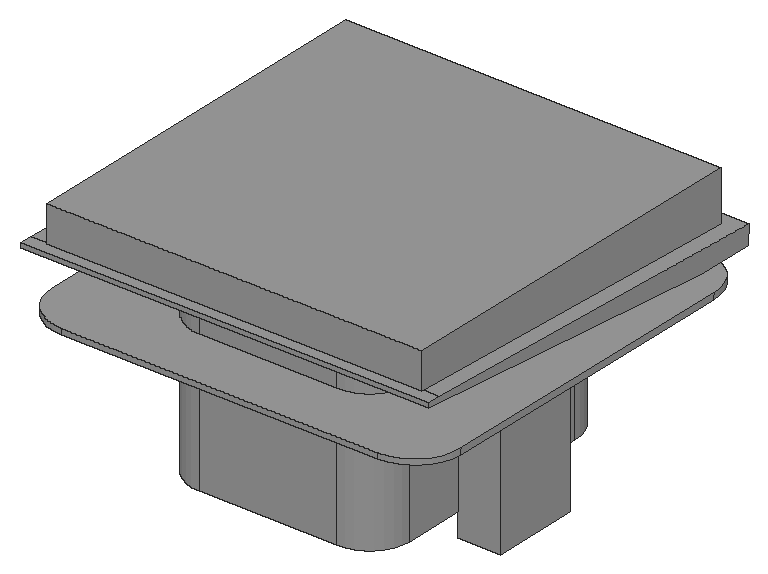
Revit family "Gira_126300", category Electrical Fixtures, host Face, Revit 2017
Family settings
  Host = Face
  Maintain Annotation Orientation = Yes
  Round Connector Dimension = Use Diameter
  Part Type = Normal
  Cut with Voids When Loaded = No
  Shared = No
  Room Calculation Point = No
Parameters (values of type "Call btn 3-g door st. Gira TX_44 (WP FM)")
  URL = "http://katalog.gira.de/en/datenblatt.html?artikelnr=126300"
  Suitable for = "Outdoor station"
  Name = "Call btn 3-g door st. Gira TX_44 (WP FM)"
  Material = "Other"
  Manufacturer URL = "https://www.gira.de/"
  Manufacturer = "Gira"
  Keynote = ""
  HeinzeBIM = "https://bimportal.heinze.de/bim/call-btn-3-g-door-st-gira-tx-44-wp-fm-/32c8642b058f4b37c3389f50844efa6082a1f70a"
  HAN = "126300"
  GTIN = "4010337263005"
  Description = "C.btn 3g door st. FM TX_44,Call Button, 3-gang for Door Station,,Program-neutral,Features:,- Installation in a conventional flush-mounted device box.,- Fits in the cover frames of the Gira TX_44 switch range.,- Modular design, allowing easy installation and expandability.,- Signal transmission and supply of the audio and video components via reverse-polarity-protected and short-circuit-proof 2-wire bus.,- The door station can be extended with additional call buttons (up to 14 call button inserts, 1- or 3-gang can be connected to one door station).,- Call button LED lamps, white light. Even, clearly visible call-button illumination is achieved via maintenance-free, energy-saving LED technology.,- Sprayed-water proof call-button cover plate made of shock-resistant plastic.,- Name plate can be exchanged without tools and without frame disassembly.,- Professional labelling is available from the Gira Inscription Service www.marking.gira.com or using the Gira inscription software.,,Notes :,- Call buttons which are not required can be covered with the call-button cover plate for call button, 3-gang."
  Default Elevation = 1219.2 mm
  Data sheet (1) = "https://katalog.gira.de/en/download.html?artikelnr=126300"
  Category = "Mounting accessories for door communication"
  BIM (1) = "https://media.stage.bim.site/public/gira/36a6b08/TX44_Komplettgerät_Schalten und Tasten.rfa?public/gira/36a6b08/TX44_Komplettgerät_Schalten und Tasten.rfa"
  Available = "No"
Reference planes
  plane 1 "Center (Front/Back)": y = 0
  plane 2 "Reference Level 0": z = 0
  plane 3 "Center (Left/Right)": x = 0
  plane 4: z = -28.6
Forms (mm)
  Extrusion 1, solid, material "Default", detail levels fine
    sketch origin (0, 0, 0) x (1, 0, 0) y (0, 1, 0)
      loop
        line (-32.604, 32.5) -> (-32.604, -32.5) -> (32.735, -32.5) -> (32.735, 32.5) -> (-32.604, 32.5)
    from 0 to 12.3
  Extrusion 2, solid, material "Default", detail levels fine
    sketch origin (0, 0, 0) x (0, 1, 0) y (0, 0, 1)
      loop
        line (35, 3.483) -> (-32.2, 6) -> (-34.55, 6) -> (-34.536, 5.199) -> (24.886, 0) -> (34.939, 0) -> (35, 3.483)
    from -35.5 to 35.5
  Extrusion 3, void
    sketch origin (0, 0, 0) x (0, 1, 0) y (0, 0, 1)
      loop
        line (42.419, 3.205) -> (-32.2, 6) -> (-42.193, 6) -> (-42.193, -11.826) -> (42.419, -11.826) -> (42.419, 3.205)
    from -64.194 to 61.264
  Extrusion 4, solid, material "Default", detail levels fine
    sketch origin (0, 0, 0) x (1, 0, 0) y (0, 1, 0)
      loop
        arc (35.5, 27.5) -> (33.157, 33.157) -> (27.5, 35.5) r 8
        line (27.5, 35.5) -> (-27.5, 35.5)
        arc (-27.5, 35.5) -> (-33.157, 33.157) -> (-35.5, 27.5) r 8
        line (-35.5, 27.5) -> (-35.5, -27.5)
        arc (-35.5, -27.5) -> (-33.157, -33.157) -> (-27.5, -35.5) r 8
        line (-27.5, -35.5) -> (27.5, -35.5)
        arc (27.5, -35.5) -> (33.157, -33.157) -> (35.5, -27.5) r 8
        line (35.5, -27.5) -> (35.5, 27.5)
    from -4.1 to -5.1
  Extrusion 5, solid, material "Default", detail levels fine
    sketch origin (0, 0, 0) x (1, 0, 0) y (0, 1, 0)
      loop
        arc (-12, 25) -> (-16.95, 22.95) -> (-19, 18) r 7
        line (-19, 18) -> (-19, -18)
        arc (-19, -18) -> (-16.95, -22.95) -> (-12, -25) r 7
        line (-12, -25) -> (12, -25)
        arc (12, -25) -> (16.95, -22.95) -> (19, -18) r 7
        line (19, -18) -> (19, 18)
        arc (19, 18) -> (16.95, 22.95) -> (12, 25) r 7
        line (12, 25) -> (-12, 25)
    from 4.692 to -28.6
  Extrusion 6, solid, material "Default", detail levels fine
    sketch origin (0, 0, 0) x (1, 0, 0) y (0, 1, 0)
      loop
        line (-26.5, -7.5) -> (-19, -7.5) -> (-19, 7.5) -> (-26.5, 7.5) -> (-26.5, -7.5)
    from -5.1 to -32.6
  Extrusion 7, solid, material "Default", detail levels fine
    sketch origin (0, 0, 0) x (-1, 0, 0) y (0, -1, 0)
      loop
        line (-26.5, 7.5) -> (-26.5, -7.5) -> (-19, -7.5) -> (-19, 7.5) -> (-26.5, 7.5)
    from -5.1 to -32.6
  Extrusion 8, solid, material "Default", detail levels medium
    sketch origin (0, 0, 0) x (1, 0, 0) y (0, 1, 0)
      loop
        line (-32.604, 32.5) -> (-32.604, -32.5) -> (32.735, -32.5) -> (32.735, 32.5) -> (-32.604, 32.5)
    from 0 to 12.3
  Extrusion 9, solid, material "Default", detail levels medium
    sketch origin (0, 0, 0) x (0, 1, 0) y (0, 0, 1)
      loop
        line (35, 3.483) -> (-32.2, 6) -> (-34.55, 6) -> (-34.445, 0) -> (34.939, 0) -> (35, 3.483)
    from -35.5 to 35.5
  Extrusion 10, solid, material "Default", detail levels medium
    sketch origin (0, 0, 0) x (1, 0, 0) y (0, 1, 0)
      loop
        line (-26.5, 25) -> (-26.5, -25) -> (26.5, -25) -> (26.5, 25) -> (-26.5, 25)
    from 4.692 to -32.6
  Extrusion 11, solid, material "Default", detail levels medium
    sketch origin (0, 0, 0) x (1, 0, 0) y (0, 1, 0)
      loop
        line (35.5, 35.5) -> (-35.5, 35.5) -> (-35.5, -35.5) -> (35.5, -35.5) -> (35.5, 35.5)
    from -4.1 to -5.1
  Extrusion 12, solid, material "Default", detail levels coarse
    sketch origin (0, 0, 0) x (1, 0, 0) y (0, 1, 0)
      loop
        line (35.5, 35.5) -> (-35.5, 35.5) -> (-35.5, -35.5) -> (35.5, -35.5) -> (35.5, 35.5)
    from -32.6 to 12.3
Cuts and joins
  Extrusion 3 cuts Extrusion 1
  joined: Extrusion 1, Extrusion 2, Extrusion 4, Extrusion 5, Extrusion 6, Extrusion 7
Dimensions and locks
  Extrusion 12 to Extrusion 12 = 44.9 mm
  aligned and locked: plane 2 "Reference Level 0" to host face
  aligned and locked: level to host face
  aligned and locked: plane 3 "Center (Left/Right)" to nested 1
  aligned and locked: plane 1 "Center (Front/Back)" to nested 1
Nested families
  nested 1: "Schalter" at (0, 0, 0), type "Schalter"
Connectors
  electrical at (0, 0, -32.6)
    settings: on Extrusion 12, index 1, voltage 220 V, apparent load 0 VA, apparent load phase1 0 VA, apparent load phase2 0 VA, apparent load phase3 0 VA, power factor 1, load classification "Other", number of poles 1, system type 30, power factor state 1, is connector primary yes, connector utility no, sub classification motor no, connector description ""
Definition of nested family "Schalter"
  Reference planes
    plane 1: y = 0
    plane 2: x = 0
  Lines and regions (mm)
    detail lines
      curve 1: circle (1.375, 2.778, 0) r 0.8 normal (0, 0, 1)
      curve 2: line (1.021, 2.061, 0) -> (0, 0, 0)
      curve 3: line (0, 0, 0) -> (-0.538, 0.266, 0)
  Dimensions and locks
    curve 2 to curve 2 = 2.3 mm
    curve 3 to curve 2 = 0.6 mm
    radius of curve 1 = 0.8 mm
